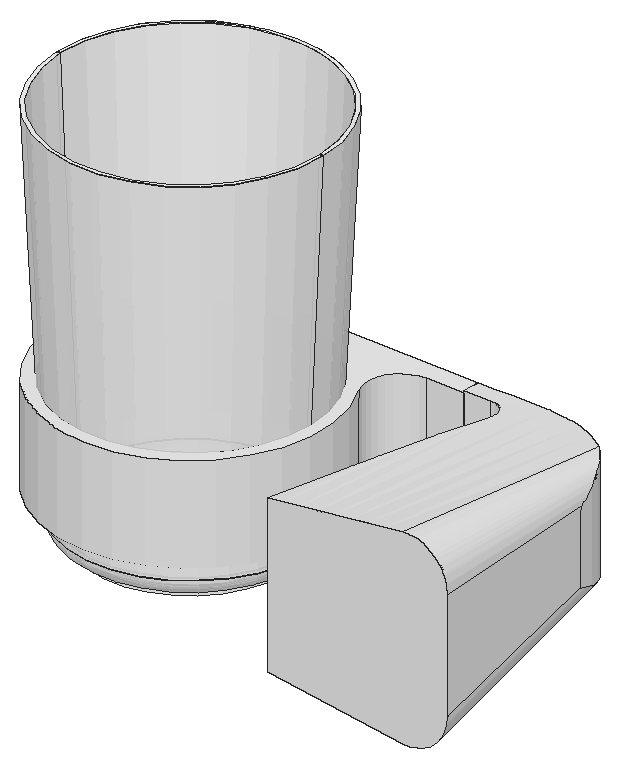
Revit family "CA6025551_Cepillera", category Furniture, host Wall, Revit 2019
Family settings
  Host = Wall
  OmniClass Number = 23.31.25.00
  OmniClass Title = Toilet and Bath Specialties
  Always vertical = Yes
  Cut with Voids When Loaded = No
  Shared = No
  Room Calculation Point = No
Parameters (values of type "Type 1")
  URL = "https://corona.co/productos/accesorios/kit-por-6-accesorios-cascade/p/CA6065551"
  Temperatura de uso = "4˚C a 40˚C."  # constant formula
  Referencia = "CA6025551"  # constant formula
  Profundidad = 72 mm  # constant formula
  Peso neto = "470 g. - 1,04 lb."  # constant formula
  Peso Neto aprox = " 9 Kg"  # constant formula
  Material = Corona_Cromado
  Manufacturer = "Corona"  # constant formula
  Garantía Acabados = "5 Años"  # constant formula
  Garantía = "30 Años"  # constant formula
  Fecha de creación = "10/08/2020"  # constant formula
  Dimensiónes generales producto empacado Kit x6 = "(H x L x W): 441 x 160 x 79 mm."  # constant formula
  Description = "La línea de griferías y accesorios plásticos Cascade se inspira en la fluidez natural\r\ndel agua y en las formas creadas a su paso en caídas y cascadas, los gestos de\r\ndiseño y formas de Cascade invitan al usuario al uso, sus líneas fluidas crean un\r\nsolo viaje alrededor del producto generando formas limpias."  # constant formula
  Creado por = "IDD"  # constant formula
  Ancho = 127 mm  # constant formula
  Altura = 900 mm
  Alto = 96 mm  # constant formula
Reference planes
  plane 1 "Wall": y = 0
  plane 2 "Center (Left/Right)": x = 125
  plane 3 "Back": y = 75
  plane 4: z = 900
  plane 5: x = 188.5
  plane 6: x = 61.5
  plane 7: z = 948
  plane 8: z = 852
  plane 9: y = 147
Text (mm)
  text "Placement Side" at (-1848.837, 1116.779, 0), in view "Ref. Level"
  text "Placement side" at (0, 1409.804, 2854.306), in view "Left"
  text "Placement side" at (0, 499.811, 2980.732), in view "Right"
Dimensions and locks
  locked: plane 3 "Back" to host wall
  equal spacing: plane 8, plane 4, plane 7
  "Alto": plane 8 to plane 7
  equal spacing: plane 6, plane 2 "Center (Left/Right)", plane 5
  "Ancho": plane 6 to plane 5
  "Profundidad": plane 9 to host wall
  plane 4 to plane 8 = 48 mm
  "Altura": plane 4 to level
  aligned and locked: plane 1 "Wall" to host wall
  aligned and locked: nested 1 to plane 7
  aligned and locked: host wall to nested 2
  aligned and locked: plane 7 to nested 2
  aligned and locked: nested 2 to plane 6
  aligned and locked: nested 3 to plane 5
  aligned and locked: nested 3 to host wall
  aligned and locked: nested 2 to plane 5
  aligned and locked: nested 4 to plane 7
  aligned and locked: plane 6 to nested 4
Nested families
  nested 1: "Lateral" at (125, 75, 852) x (0, -1, 0) z (1, 0, 0), type "Lateral"
  nested 2: "Cepillera" at (188.5, 110.5, 852) x (-1, 0, 0) z (0, 0, 1), type "Cepillera"
  nested 3: "Planta" at (188.5, 75, 0) x (-1, 0, 0) z (0, 0, 1), type "Planta"
  nested 4: "Frontal" at (188.5, 0, 852) x (-1, 0, 0) z (0, -1, 0), type "Frontal"
Definition of nested family "Cepillera"
  Parameters (values of type "Cepillera")
    Profundidad = 71 mm
    Material = none
    Ancho = 127 mm
    Alto = 96 mm
  Reference planes
    plane 1 "Center (Front/Back)": y = 0
    plane 2: z = 0
    plane 3 "Center (Left/Right)": x = 0
    plane 4: x = 127
    plane 5: y = 35.5
    plane 6: y = -35.5
    plane 7: z = 47
    plane 8: x = 49.293
    plane 9: z = 96
  Forms (mm)
    Blend 1, solid, material <- "Material", detail levels medium+fine
      base sketch origin (-84.781, 35.5, 1200) x (-1, 0, 0) y (0, 0, 1)
        loop
          line (-129.409, -1157.177) -> (-129.409, -1195.823) -> (-96, -1199.925)
          arc (-96, -1199.925) -> (-88.155, -1197.49) -> (-84.781, -1190) r 10
          line (-84.781, -1190) -> (-84.781, -1163)
          arc (-84.781, -1163) -> (-88.155, -1155.51) -> (-96, -1153.075) r 10
          line (-96, -1153.075) -> (-129.409, -1157.177)
      top sketch origin (-84.781, 35.5, 1200) x (-1, 0, 0) y (0, 0, 1)
        loop
          line (-134.074, -1164.5) -> (-134.074, -1188.5) -> (-99.095, -1188.5)
          arc (-99.095, -1188.5) -> (-95.56, -1187.036) -> (-94.095, -1183.5) r 5
          line (-94.095, -1183.5) -> (-94.095, -1169.5)
          arc (-94.095, -1169.5) -> (-95.56, -1165.964) -> (-99.095, -1164.5) r 5
          line (-99.095, -1164.5) -> (-134.074, -1164.5)
      from 0 to -71
    Extrusion 2, void
      sketch origin (0, 0, 0) x (1, 0, 0) y (0, 1, 0)
        loop
          line (9.314, -35.5) -> (31.249, -35.5)
          arc (31.249, -35.5) -> (14.761, -29.292) -> (6.461, -13.752) r 25
          line (6.461, -13.752) -> (9.314, -35.5)
      from 0 to 56.335
    Extrusion 3, void
      sketch origin (0, 0, 0) x (1, 0, 0) y (0, 1, 0)
        loop
          line (49.675, -30.5) -> (44.629, 35.5) -> (37.365, -24.903)
          arc (37.365, -24.903) -> (38.589, -28.818) -> (42.329, -30.5) r 5
          line (42.329, -30.5) -> (49.675, -30.5)
      from 0 to 56.335
    Extrusion 4, solid, material <- "Material", detail levels coarse
      sketch origin (0, 0, 0) x (1, 0, 0) y (0, 0, 1)
        loop
          line (127, 0) -> (127, 96) -> (0, 96) -> (0, 0) -> (127, 0)
      from -35.5 to 35.5
    Extrusion 5, solid, material <- "Material", detail levels medium+fine
      sketch origin (0, 0, 0) x (1, 0, 0) y (0, 1, 0)
        loop
          line (49.293, -35.5) -> (94, -35.5)
          arc (94, -35.5) -> (110.7, 25.962) -> (65.193, -18.598) r 33
          arc (65.193, -18.598) -> (65.109, -26.548) -> (58.209, -30.5) r 8
          line (58.209, -30.5) -> (48.965, -30.5) -> (49.293, -35.5)
        loop
          circle (94, -2.5) r 30
      from 11.5 to 35.5
    Revolve 6, solid, detail levels medium+fine
      sketch origin (-1.104, -2.5, 35.5) x (0, 0, 1) y (-1, 0, 0)
        loop
          line (-33, -95.104) -> (-35.5, -95.104) -> (-35.5, -118.66) -> (-34, -118.66)
          arc (-34, -118.66) -> (-32.622, -122.107) -> (-29.248, -123.654) r 5
          line (-29.248, -123.654) -> (60.5, -128.104) -> (60.5, -127.103) -> (-29.198, -122.655)
          arc (-29.198, -122.655) -> (-31.898, -121.418) -> (-33, -118.66) r 4
          line (-33, -118.66) -> (-33, -95.104)
        axis (60.5, -95.104) -> (-35.5, -95.104)
      angle from 0 to 360
  Cuts and joins
    Extrusion 2, Extrusion 3 cuts Blend 1
  Dimensions and locks
    equal spacing: plane 5, plane 1 "Center (Front/Back)", plane 6
    "Profundidad": plane 5 to plane 6
    "Ancho": plane 3 "Center (Left/Right)" to plane 4
    "Alto": plane 9 to level
    locked: plane 7 to level at 47
    plane 3 "Center (Left/Right)" to Extrusion 4 = 127 mm
    aligned and locked: level to plane 2
    aligned and locked: plane 5 to Blend 1
    aligned and locked: Blend 1 to plane 6
    aligned and locked: level to Extrusion 4 sketch curve
    aligned and locked: plane 4 to Extrusion 4 sketch curve
    aligned and locked: plane 3 "Center (Left/Right)" to Extrusion 4 sketch curve
  Automatic sketch dimensions
    Blend 1 sketch curve to plane 3 "Center (Left/Right)" = 0 mm
    Blend 1 sketch curve to Blend 1 sketch curve = 10 mm  (x2)
    level to Blend 1 sketch curve = 0.075 mm
    Blend 1 sketch curve to Blend 1 sketch curve = 1.219 mm  (x2)
    Blend 1 sketch curve to plane 7 = 0.075 mm
    Blend 1 sketch curve to plane 8 = 0 mm
    plane 3 "Center (Left/Right)" to Blend 1 sketch curve = 14.314 mm  (x2)
    Blend 1 sketch curve to Blend 1 sketch curve = 5 mm
    level to Blend 1 sketch curve = 11.5 mm
    Blend 1 sketch curve to Blend 1 sketch curve = 14 mm
    plane 3 "Center (Left/Right)" to Extrusion 2 sketch curve = 6.461 mm
    plane 1 "Center (Front/Back)" to Extrusion 2 sketch curve = 10.5 mm
    Extrusion 2 sketch curve to Extrusion 2 sketch curve = 24.788 mm
    plane 3 "Center (Left/Right)" to Extrusion 2 sketch curve = 9.314 mm
    Extrusion 2 sketch curve to plane 6 = 0 mm
    Blend 1 sketch curve to plane 7 = 4.177 mm
    Blend 1 sketch curve to plane 8 = 4.665 mm
    level to Blend 1 sketch curve = 4.177 mm
    Extrusion 3 sketch curve to plane 5 = 0 mm
    Extrusion 3 sketch curve to plane 8 = 11.928 mm
    Extrusion 3 sketch curve to plane 8 = 6.964 mm
    Extrusion 3 sketch curve to plane 8 = 4.665 mm
    plane 8 to Extrusion 3 sketch curve = 0.382 mm
    plane 6 to Extrusion 3 sketch curve = 10.597 mm
    Extrusion 3 sketch curve to Extrusion 3 sketch curve = 0.597 mm
    Extrusion 5 sketch curve to Extrusion 5 sketch curve = 0 mm  (x2)
    Extrusion 5 sketch curve to plane 6 = 0 mm
    Extrusion 5 sketch curve to plane 8 = 0 mm
    Extrusion 5 sketch curve to plane 8 = 0.328 mm
    plane 6 to Extrusion 5 sketch curve = 5 mm
    plane 8 to Extrusion 5 sketch curve = 8.916 mm
    plane 4 to Extrusion 5 sketch curve = 33 mm
    Extrusion 5 sketch curve to Extrusion 5 sketch curve = 8 mm
    plane 1 "Center (Front/Back)" to Extrusion 5 sketch curve = 2.5 mm
    Revolve 6 sketch curve to Revolve 6 sketch curve = 0 mm  (x3)
    Revolve 6 sketch curve to level = 0 mm  (x2)
    Revolve 6 sketch curve to plane 9 = 0 mm
    plane 4 to Revolve 6 sketch curve = 0 mm
    level to Revolve 6 sketch curve = 1.5 mm
    level to Revolve 6 sketch curve = 2.5 mm
    Revolve 6 sketch curve to Revolve 6 sketch curve = 3.752 mm
    Revolve 6 sketch curve to Revolve 6 sketch curve = 0.05 mm
    Revolve 6 sketch curve to Revolve 6 sketch curve = 0.198 mm
    Revolve 6 sketch curve to Revolve 6 sketch curve = 1.001 mm
    plane 4 to Revolve 6 sketch curve = 4.45 mm
    Revolve 6 sketch curve to Revolve 6 sketch curve = 23.556 mm
    Revolve 6 sketch curve to level = 7.609 mm
    plane 7 to Extrusion 4 sketch curve = 49 mm
    radius of Extrusion 5 sketch curve = 30 mm
Definition of nested family "Lateral"
  Reference planes
    plane 1 "Center (Front/Back)": y = 0
    plane 2: z = 0
    plane 3 "Center (Left/Right)": x = 0
    plane 4: y = 96
    plane 5: x = -71
  Lines and regions (mm)
    detail lines, in view "Ref. Level"
      curve 1: line (0, 47, 0) -> (-15.713, 44.229, 0)
      curve 2: line (0, 47, 0) -> (0, 0, 0)
      curve 3: line (0, 0, 0) -> (-21.236, 3.744, 0)
      curve 4: line (-71, 12.519, 0) -> (-71, 34.481, 0)
      curve 5: line (-71, 34.481, 0) -> (-13, 34.481, 0)
      curve 6: line (-71, 12.519, 0) -> (-13, 12.519, 0)
      curve 7: line (-11, 14.519, 0) -> (-11, 32.481, 0)
      curve 8: arc (-13, 12.519, 0) -> (-11.586, 13.105, 0) -> (-11, 14.519, 0) r 2
      curve 9: arc (-13, 34.481, 0) -> (-11.586, 33.895, 0) -> (-11, 32.481, 0) r 2
      curve 10: line (-71, 96, 0) -> (-67.776, 34.481, 0)
      curve 11: line (-13, 96, 0) -> (-16.224, 34.481, 0)
      curve 12: line (-58.509, 2.519, 0) -> (-25.491, 2.519, 0)
      curve 13: arc (-66.498, 10.101, 0) -> (-64.016, 4.716, 0) -> (-58.509, 2.519, 0) r 8
      curve 14: arc (-25.491, 2.519, 0) -> (-19.984, 4.716, 0) -> (-17.502, 10.101, 0) r 8
      curve 15: line (-58.509, 2.519, 0) -> (-58.509, 0, 0)
      curve 16: line (-25.491, 2.519, 0) -> (-25.491, 0, 0)
      curve 17: line (-25.491, 0, 0) -> (-58.509, 0, 0)
      curve 18: line (-66.498, 12.519, 0) -> (-66.498, 10.101, 0)
      curve 19: line (-17.502, 12.519, 0) -> (-17.502, 10.101, 0)
      curve 20: line (-67.805, 35.044, 0) -> (-71, 34.481, 0)
      curve 21: line (-66.498, 11.725, 0) -> (-71, 12.519, 0)
      curve 22: line (-71, 96, 0) -> (-13, 96, 0)
Definition of nested family "Planta"
  Reference planes
    plane 1 "Center (Front/Back)": y = 0
    plane 2: z = 0
    plane 3 "Center (Left/Right)": x = 0
    plane 4: x = 127
    plane 5: y = 71
  Lines and regions (mm)
    detail lines, in view "Ref. Level"
      curve 1: line (29.301, 71, 0) -> (95, 71, 0)
      curve 2: line (45.303, 65, 0) -> (59.279, 65, 0)
      curve 3: line (48.087, 71, 0) -> (48.087, 65, 0)
      curve 4: line (0, 0, 0) -> (9.605, 54.473, 0)
      curve 5: line (0, 0, 0) -> (51.709, 0, 0)
      curve 6: line (51.709, 0, 0) -> (39.434, 57.753, 0)
      curve 7: arc (9.605, 54.473, 0) -> (16.445, 66.321, 0) -> (29.301, 71, 0) r 20
      curve 8: arc (39.434, 57.753, 0) -> (40.64, 62.776, 0) -> (45.303, 65, 0) r 6
      curve 9: arc (66.423, 53.4, 0) -> (111.781, 11.753, 0) -> (95, 71, 0) r 32
      curve 10: arc (59.279, 65, 0) -> (66.091, 61.195, 0) -> (66.423, 53.4, 0) r 8
      curve 11: circle (95, 39, 0) r 30 normal (0, 0, 1)
Definition of nested family "Frontal"
  Reference planes
    plane 1 "Center (Front/Back)": y = 0
    plane 2: z = 0
    plane 3 "Center (Left/Right)": x = 0
    plane 4: x = 127
    plane 5: y = 96
  Lines and regions (mm)
    detail lines, in view "Ref. Level"
      curve 1: line (32.985, 2.624, 0) -> (10.92, 0.586, 0)
      curve 2: line (0, 36.457, 0) -> (0, 10.543, 0)
      curve 3: arc (10.92, 0.586, 0) -> (3.262, 3.154, 0) -> (0, 10.543, 0) r 10
      curve 4: arc (43.647, 12.212, 0) -> (39.906, 5.65, 0) -> (32.985, 2.624, 0) r 12
      curve 5: line (32.985, 44.376, 0) -> (10.92, 46.414, 0)
      curve 6: arc (10.92, 46.414, 0) -> (3.262, 43.846, 0) -> (0, 36.457, 0) r 10
      curve 7: arc (43.647, 34.788, 0) -> (39.906, 41.35, 0) -> (32.985, 44.376, 0) r 12
      curve 8: line (33.538, 34.788, 0) -> (123, 34.788, 0)
      curve 9: line (33.538, 12.212, 0) -> (123, 12.212, 0)
      curve 10: line (127, 16.212, 0) -> (127, 30.788, 0)
      curve 11: arc (123, 34.788, 0) -> (125.828, 33.616, 0) -> (127, 30.788, 0) r 4
      curve 12: arc (123, 12.212, 0) -> (125.828, 13.384, 0) -> (127, 16.212, 0) r 4
      curve 13: line (48.087, 34.788, 0) -> (48.087, 12.212, 0)
      curve 14: line (127, 96, 0) -> (67, 96, 0)
      curve 15: line (67, 96, 0) -> (70.208, 34.788, 0)
      curve 16: line (127, 96, 0) -> (123.788, 34.71, 0)
      curve 17: line (79.485, 2.624, 0) -> (114.515, 2.624, 0)
      curve 18: arc (71.496, 10.206, 0) -> (73.978, 4.821, 0) -> (79.485, 2.624, 0) r 8
      curve 19: arc (114.515, 2.624, 0) -> (120.022, 4.821, 0) -> (122.504, 10.206, 0) r 8
      curve 20: line (79.485, 2.624, 0) -> (79.485, 0, 0)
      curve 21: line (114.515, 2.624, 0) -> (114.515, 0, 0)
      curve 22: line (114.515, 0, 0) -> (79.485, 0, 0)
      curve 23: line (71.391, 12.212, 0) -> (71.496, 10.206, 0)
      curve 24: line (122.609, 12.212, 0) -> (122.504, 10.206, 0)
  Dimensions and locks
    aligned and locked: plane 4 to curve 10
